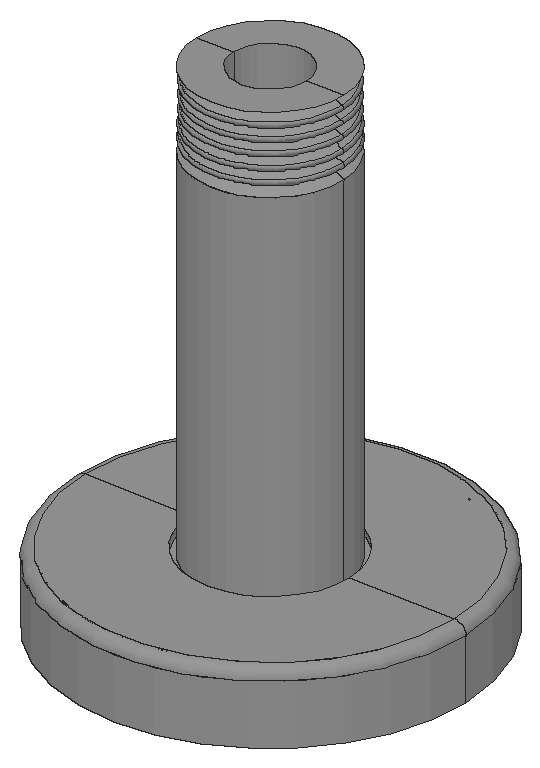
Revit family "Shower-Ceiling_Mount-Shower_Arm-KOHLER-K-26319T-1", category Plumbing Fixtures, host Face, Revit 2017
Family settings
  Host = Face
  Round Connector Dimension = Use Diameter
  Part Type = Normal
  OmniClass Number = 23.31.17.00
  Cut with Voids When Loaded = No
  Shared = No
  Room Calculation Point = No
Parameters (values of type "Not a type - See Type Catalog")
  Width = 2 21/128"
  WaterSense Certified = 1 = 0  # no
  Waste Water Outlet = "Waste Water Outlet"  # constant formula
  Waste Connection = 1 = 0  # no
  Vent Connection = 1 = 0  # no
  URL = "http://www.kohler.com.cn/"
  Type = 1
  Tempered Water Inlet = "Tempered Water Inlet"  # constant formula
  Product Page URL = ""
  Product Name = ""
  Product Documentation Link = ""
  Pressure = 0.00 psi
  Panel Thickness = 0"
  Model = if(Type = 1, "K-26319T-2MB", if(Type = 2, "K-26319T-AF", if(Type = 3, "K-26319T-BL", if(Type = 4, "K-26319T-BN", if(Type = 5, "K-26319T-CP", if(Type = 6, "K-26319T-RGD", if(Type = 7, "K-26319T-SN", "NA")))))))  # "K-26319T-2MB"
  Material = "Brass Construction"  # constant formula
  Master Format 2014 Name = "Residential Showers"  # constant formula
  Master Format 2014 = "22 42 23"  # constant formula
  Manufacturer Address = "Kohler Beijing Office (100016)36-2-03-B, No. 88, Liuxiang Road, Beijing"  # constant formula
  Manufacturer = "KOHLER Co."  # constant formula
  Length = 2 21/128"
  Hot Water Inlet = "Hot Water Inlet"  # constant formula
  Height = 2 199/256"
  HW Connection = 1 = 1  # yes
  Flow Rate = 0 GPM
  Finish = Default
  Environmental Product Declaration = ""
  Drain Included = 1 = 0  # no
  Description = "CEILING MOUNT ARM 3' SHORT SINGLE FUNCTION"  # constant formula
  Default Elevation = 0"
  Declare Label = ""
  Date Modified = "02/09/2021"  # constant formula
  Date Created = "02/09/2021"  # constant formula
  Copyright = "Copyright KOHLER Co."  # constant formula
  Contact Us = "http://www.kohler.com.cn/contact/contact-us/"
  Cold Water Inlet = "Cold Water Inlet"  # constant formula
  CW Connection = 1 = 0  # no
  Assembly Code = "D2010700"
  ADA Compliant = 1 = 0  # no
Reference planes (in)
  plane 1 "Center (Front/Back)": y = 0
  plane 2: z = 0
  plane 3 "Center (Left/Right)": x = 0
  plane 4: y = 1.08268
  plane 5: x = -1.08268
  plane 6: x = 1.08139
  plane 7: y = -1.08139
  plane 8: z = 2.77734
Dimensions and locks (in)
  "Width": plane 5 to plane 6
  "Length": plane 7 to plane 4
  "Height": level to plane 8
  aligned and locked: plane 2 to host face
  aligned and locked: level to host face
Automatic sketch dimensions
  host sketch curve to host sketch curve = 96"  (x2)
Nested families (in)
  nested 1: "K-26319T" at (0, 0, 0), type "K-26319T"
Connectors (in)
  piping at (0, 0, 0), diameter 0.5, driven by "HW Connection", driven by "Tempered Water Inlet"
    settings: on nested 1, index 1, connector inside diameter 24", connector length 0", flow factor 0, pipe flow 0 GPM, pressure drop 0.00 psi, fitting loss kfactor 0, connector angle 0.00°, fixture units 0, engagement length 0", angle of deflection 0.00°, flow configuration 0, flow direction 1, fitting loss method 0, system type 19, joint type 0, gender type 0, connector reference index -1, connector utility 1, adjustable connector no, is connector primary yes, connector description "Tempered Water Inlet"
Definition of nested family "K-26319T"
  Parameters (values of type "K-26319T")
    Material = none
  Reference planes (in)
    plane 1 "Center (Front/Back)": y = 0
    plane 2: z = 0
    plane 3 "Center (Left/Right)": x = 0
    plane 4: y = 1.08268
    plane 5: x = -1.08268
    plane 6: y = -1.08268
    plane 7: x = 1.08268
    plane 8: z = 2.77559
  Forms (in)
    Revolve 1, solid, material <- "Material", detail levels medium+fine
      sketch origin (0, 0, 0) x (1, 0, 0) y (0, 0, 1)
        loop
          line (0.33856, 0) -> (0.61072, 0) -> (0.61072, 0.28711)
          arc (0.61072, 0.28711) -> (0.62144, 0.31298) -> (0.64732, 0.3237) r 0.03659
          line (0.64732, 0.3237) -> (1.00549, 0.3237)
          arc (1.00549, 0.3237) -> (1.02447, 0.31584) -> (1.03233, 0.29686) r 0.02684
          line (1.03233, 0.29686) -> (1.03233, 0) -> (1.08268, 0) -> (1.08268, 0.33376)
          arc (1.08268, 0.33376) -> (1.06512, 0.37614) -> (1.02274, 0.3937) r 0.05994
          line (1.02274, 0.3937) -> (0.44032, 0.3937) -> (0.44032, 0.35117) -> (0.40651, 0.35117) -> (0.40651, 2.35354) -> (0.3522, 2.3849) -> (0.39838, 2.41049)
          arc (0.39838, 2.41049) -> (0.40599, 2.42329) -> (0.39861, 2.43621) r 0.01477
          line (0.39861, 2.43621) -> (0.35829, 2.45948) -> (0.39556, 2.48014)
          arc (0.39556, 2.48014) -> (0.40326, 2.49308) -> (0.39579, 2.50616) r 0.01495
          line (0.39579, 2.50616) -> (0.35533, 2.52952) -> (0.39293, 2.55036)
          arc (0.39293, 2.55036) -> (0.40061, 2.56328) -> (0.39316, 2.57632) r 0.01491
          line (0.39316, 2.57632) -> (0.35328, 2.59935) -> (0.39242, 2.62104)
          arc (0.39242, 2.62104) -> (0.40027, 2.63425) -> (0.39265, 2.64758) r 0.01525
          line (0.39265, 2.64758) -> (0.35281, 2.67058) -> (0.39284, 2.69277)
          arc (0.39284, 2.69277) -> (0.40056, 2.70574) -> (0.39307, 2.71883) r 0.01497
          line (0.39307, 2.71883) -> (0.33019, 2.75514) -> (0.40651, 2.77559) -> (0.20325, 2.77559) -> (0.20325, 1.94728) -> (0, 1.94728) -> (0, 0.3237) -> (0.33856, 0.3237) -> (0.33856, 0)
        axis (0, 2.77559) -> (0, 0)
      angle from 0 to 360
    Extrusion 2, void
      sketch origin (0, 0, 0) x (1, 0, 0) y (0, 0, 1)
        loop
          circle (0, 0.16281) r 0.08402
      from -1.88415 to 0.07778
    Revolve 3, solid, material <- "Material", detail levels coarse
      sketch origin (0, 0, 0) x (0, 1, 0) y (0, 0, 1)
        loop
          line (-0.33693, 0) -> (-0.33693, 0.19685) -> (0, 0.19685) -> (0, 2.77559) -> (-0.3937, 2.77559) -> (-0.3937, 0.3937) -> (-1.08268, 0.3937) -> (-1.08268, 0) -> (-0.96632, 0) -> (-0.96632, 0.19685) -> (-0.47111, 0.19685) -> (-0.47111, 0) -> (-0.33693, 0)
        axis (0, 2.77559) -> (0, 0)
      angle from 0 to 360
    Extrusion 4, solid, material <- "Material", detail levels medium+fine
      sketch origin (0, 0, 0) x (1, 0, 0) y (0, 1, 0)
        loop
          circle (0, 0) r 0.33856
      from 0 to 0.19685
  Cuts and joins
    Extrusion 2 cuts Revolve 1
  Lines and regions (in)
    Masking region 1
      outline origin (0, 0, 0) x (1, 0, 0) y (0, 1, 0)
        loop
          circle (0, 0) r 1.08268
    Masking region 2
      outline origin (0, 0, 0) x (1, 0, 0) y (0, 0, 1)
        loop
          line (0.0007, 0) -> (1.08268, 0) -> (1.08268, 0.33376)
          arc (1.08268, 0.33376) -> (1.06512, 0.37614) -> (1.02274, 0.3937) r 0.05994
          line (1.02274, 0.3937) -> (0.40651, 0.3937) -> (0.40651, 2.35354) -> (0.3522, 2.3849) -> (0.39838, 2.41049)
          arc (0.39838, 2.41049) -> (0.40599, 2.42329) -> (0.39861, 2.43621) r 0.01477
          line (0.39861, 2.43621) -> (0.35829, 2.45948) -> (0.39556, 2.48014)
          arc (0.39556, 2.48014) -> (0.40326, 2.49308) -> (0.39579, 2.50616) r 0.01495
          line (0.39579, 2.50616) -> (0.35533, 2.52952) -> (0.39293, 2.55036)
          arc (0.39293, 2.55036) -> (0.40061, 2.56328) -> (0.39316, 2.57632) r 0.01491
          line (0.39316, 2.57632) -> (0.35328, 2.59935) -> (0.39242, 2.62104)
          arc (0.39242, 2.62104) -> (0.40027, 2.63425) -> (0.39265, 2.64758) r 0.01525
          line (0.39265, 2.64758) -> (0.35281, 2.67058) -> (0.39284, 2.69277)
          arc (0.39284, 2.69277) -> (0.40056, 2.70574) -> (0.39307, 2.71883) r 0.01497
          line (0.39307, 2.71883) -> (0.33019, 2.75514) -> (0.40651, 2.77559) -> (0, 2.77559) -> (-0.40651, 2.77559) -> (-0.33019, 2.75514) -> (-0.39307, 2.71883)
          arc (-0.39307, 2.71883) -> (-0.40056, 2.70574) -> (-0.39284, 2.69277) r 0.01497
          line (-0.39284, 2.69277) -> (-0.35281, 2.67058) -> (-0.39265, 2.64758)
          arc (-0.39265, 2.64758) -> (-0.40027, 2.63425) -> (-0.39242, 2.62104) r 0.01525
          line (-0.39242, 2.62104) -> (-0.35328, 2.59935) -> (-0.39316, 2.57632)
          arc (-0.39316, 2.57632) -> (-0.40061, 2.56328) -> (-0.39293, 2.55036) r 0.01491
          line (-0.39293, 2.55036) -> (-0.35533, 2.52952) -> (-0.39579, 2.50616)
          arc (-0.39579, 2.50616) -> (-0.40326, 2.49308) -> (-0.39556, 2.48014) r 0.01495
          line (-0.39556, 2.48014) -> (-0.35829, 2.45948) -> (-0.39861, 2.43621)
          arc (-0.39861, 2.43621) -> (-0.40599, 2.42329) -> (-0.39838, 2.41049) r 0.01477
          line (-0.39838, 2.41049) -> (-0.3522, 2.3849) -> (-0.40651, 2.35354) -> (-0.40651, 0.3937) -> (-1.02274, 0.3937)
          arc (-1.02274, 0.3937) -> (-1.06512, 0.37614) -> (-1.08268, 0.33376) r 0.05994
          line (-1.08268, 0.33376) -> (-1.08268, 0) -> (0.0007, 0)
    Masking region 3
      outline origin (0, 0, 0) x (0, 1, 0) y (0, 0, 1)
        loop
          line (-0.0007, 0) -> (1.08268, 0) -> (1.08268, 0.33376)
          arc (1.08268, 0.33376) -> (1.06512, 0.37614) -> (1.02274, 0.3937) r 0.05994
          line (1.02274, 0.3937) -> (0.40651, 0.3937) -> (0.40651, 2.35354) -> (0.3522, 2.3849) -> (0.39838, 2.41049)
          arc (0.39838, 2.41049) -> (0.40599, 2.42329) -> (0.39861, 2.43621) r 0.01477
          line (0.39861, 2.43621) -> (0.35829, 2.45948) -> (0.39556, 2.48014)
          arc (0.39556, 2.48014) -> (0.40326, 2.49308) -> (0.39579, 2.50616) r 0.01495
          line (0.39579, 2.50616) -> (0.35533, 2.52952) -> (0.39293, 2.55036)
          arc (0.39293, 2.55036) -> (0.40061, 2.56328) -> (0.39316, 2.57632) r 0.01491
          line (0.39316, 2.57632) -> (0.35328, 2.59935) -> (0.39242, 2.62104)
          arc (0.39242, 2.62104) -> (0.40027, 2.63425) -> (0.39265, 2.64758) r 0.01525
          line (0.39265, 2.64758) -> (0.35281, 2.67058) -> (0.39284, 2.69277)
          arc (0.39284, 2.69277) -> (0.40056, 2.70574) -> (0.39307, 2.71883) r 0.01497
          line (0.39307, 2.71883) -> (0.33019, 2.75514) -> (0.40651, 2.77559) -> (0, 2.77559) -> (-0.40651, 2.77559) -> (-0.33019, 2.75514) -> (-0.39307, 2.71883)
          arc (-0.39307, 2.71883) -> (-0.40056, 2.70574) -> (-0.39284, 2.69277) r 0.01497
          line (-0.39284, 2.69277) -> (-0.35281, 2.67058) -> (-0.39265, 2.64758)
          arc (-0.39265, 2.64758) -> (-0.40027, 2.63425) -> (-0.39242, 2.62104) r 0.01525
          line (-0.39242, 2.62104) -> (-0.35328, 2.59935) -> (-0.39316, 2.57632)
          arc (-0.39316, 2.57632) -> (-0.40061, 2.56328) -> (-0.39293, 2.55036) r 0.01491
          line (-0.39293, 2.55036) -> (-0.35533, 2.52952) -> (-0.39579, 2.50616)
          arc (-0.39579, 2.50616) -> (-0.40326, 2.49308) -> (-0.39556, 2.48014) r 0.01495
          line (-0.39556, 2.48014) -> (-0.35829, 2.45948) -> (-0.39861, 2.43621)
          arc (-0.39861, 2.43621) -> (-0.40599, 2.42329) -> (-0.39838, 2.41049) r 0.01477
          line (-0.39838, 2.41049) -> (-0.3522, 2.3849) -> (-0.40651, 2.35354) -> (-0.40651, 0.3937) -> (-1.02274, 0.3937)
          arc (-1.02274, 0.3937) -> (-1.06512, 0.37614) -> (-1.08268, 0.33376) r 0.05994
          line (-1.08268, 0.33376) -> (-1.08268, 0) -> (-0.0007, 0)
    symbolic lines, detail levels medium+fine
      curve 1: circle (0, 0, 0) r 1.03107 normal (0, 0, 1)
      curve 2: circle (0, 0, 0) r 0.98425 normal (0, 0, 1)
      curve 3: circle (0, 0, 0) r 0.59055 normal (0, 0, 1)
      curve 4: circle (0, 0, 0) r 0.63978 normal (0, 0, 1)
      curve 5: circle (0, 0, 0) r 0.44413 normal (0, 0, 1)
      curve 6: circle (0, 0, 0) r 0.33077 normal (0, 0, 1)
      curve 7: arc (0.31201, 0.31608, 0) -> (-0.37835, 0.05317, 0) -> (0.2128, -0.38984, 0) r 0.4217
      curve 8: line (-0.40651, 0, 0.3937) -> (0.40651, 0, 0.3937)
      curve 9: line (-1.08268, 0, 0.33376) -> (1.08268, 0, 0.33376)
      curve 10: line (-0.3522, 0, 2.3849) -> (0.3522, 0, 2.3849)
      curve 11: line (-0.33019, 0, 2.75514) -> (0.33019, 0, 2.75514)
      curve 12: line (-0.35281, 0, 2.67058) -> (0.35281, 0, 2.67058)
      curve 13: line (-0.35328, 0, 2.59935) -> (0.35328, 0, 2.59935)
      curve 14: line (-0.35533, 0, 2.52952) -> (0.35533, 0, 2.52952)
      curve 15: line (-0.35829, 0, 2.45948) -> (0.35829, 0, 2.45948)
      curve 16: line (-0.40651, 0, 2.35354) -> (0.40651, 0, 2.35354)
      curve 17: line (-0.40056, 0, 2.70574) -> (0.40056, 0, 2.70574)
      curve 18: line (-0.40027, 0, 2.63425) -> (0.40027, 0, 2.63425)
      curve 19: line (-0.40061, 0, 2.56328) -> (0.40061, 0, 2.56328)
      curve 20: line (-0.40326, 0, 2.49308) -> (0.40326, 0, 2.49308)
      curve 21: line (-0.40599, 0, 2.42329) -> (0.40599, 0, 2.42329)
      curve 22: line (0, 0.40651, 0.3937) -> (0, -0.40651, 0.3937)
      curve 23: line (0, 1.08268, 0.33376) -> (0, -1.08268, 0.33376)
      curve 24: line (0, 0.40651, 2.35354) -> (0, -0.40651, 2.35354)
      curve 25: line (0, 0.35533, 2.52952) -> (0, -0.35533, 2.52952)
      curve 26: line (0, 0.33019, 2.75514) -> (0, -0.33019, 2.75514)
      curve 27: line (0, 0.35281, 2.67058) -> (0, -0.35281, 2.67058)
      curve 28: line (0, 0.40056, 2.70574) -> (0, -0.40056, 2.70574)
      curve 29: line (0, 0.40027, 2.63425) -> (0, -0.40027, 2.63425)
      curve 30: line (0, 0.35328, 2.59935) -> (0, -0.35328, 2.59935)
      curve 31: line (0, 0.40061, 2.56328) -> (0, -0.40061, 2.56328)
      curve 32: line (0, -0.40326, 2.49308) -> (0, 0.40326, 2.49308)
      curve 33: line (0, 0.40599, 2.42329) -> (0, -0.40599, 2.42329)
      curve 34: line (0, -0.35829, 2.45948) -> (0, 0.35829, 2.45948)
      curve 35: line (0, 0.3522, 2.3849) -> (0, -0.3522, 2.3849)
  Dimensions and locks (in)
    locked: plane 5 to plane 7 at 2.16535
    locked: plane 4 to plane 6 at 2.16535
    locked: plane 8 to level at 2.77559
    aligned and locked: plane 2 to level
